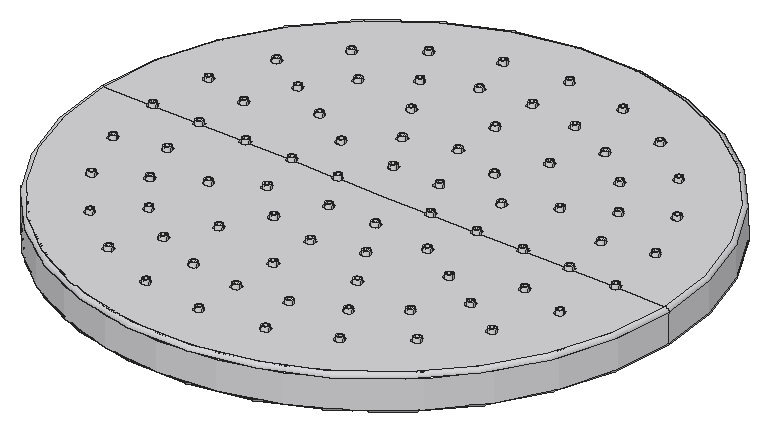
Revit family "Shower-Showerhead-KOHLER-Katalyst-K-73198IN", category Plumbing Fixtures, host Face, Revit 2017 (continued)
Definition of nested family "K-73198IN"
  Lines and regions (in)
    symbolic lines, detail levels medium+fine
      curve 237: arc (2.25093, 2.29555, 0) -> (2.29792, 2.34253, 0) -> (2.3449, 2.29555, 0) r 0.04699
      curve 238: arc (2.3449, 2.29555, 0) -> (2.29792, 2.24856, 0) -> (2.25093, 2.29555, 0) r 0.04699
      curve 239: arc (2.32967, 2.29555, 0) -> (2.29792, 2.3273, 0) -> (2.26617, 2.29555, 0) r 0.03175
      curve 240: arc (2.26617, 2.29555, 0) -> (2.29792, 2.2638, 0) -> (2.32967, 2.29555, 0) r 0.03175
      curve 241: arc (2.87929, 1.62339, 0) -> (2.81236, 1.55646, 0) -> (2.74543, 1.62339, 0) r 0.06693
      curve 242: arc (2.74543, 1.62339, 0) -> (2.81236, 1.69032, 0) -> (2.87929, 1.62339, 0) r 0.06693
      curve 243: arc (2.76648, 1.62274, 0) -> (2.81346, 1.66972, 0) -> (2.86045, 1.62274, 0) r 0.04699
      curve 244: arc (2.86045, 1.62274, 0) -> (2.81346, 1.57575, 0) -> (2.76648, 1.62274, 0) r 0.04699
      curve 245: arc (2.84521, 1.62274, 0) -> (2.81346, 1.65449, 0) -> (2.78171, 1.62274, 0) r 0.03175
      curve 246: arc (2.78171, 1.62274, 0) -> (2.81346, 1.59099, 0) -> (2.84521, 1.62274, 0) r 0.03175
      curve 247: arc (3.204, 0.83714, 0) -> (3.13707, 0.77021, 0) -> (3.07014, 0.83714, 0) r 0.06693
      curve 248: arc (3.07014, 0.83714, 0) -> (3.13707, 0.90407, 0) -> (3.204, 0.83714, 0) r 0.06693
      curve 249: arc (3.1064, 0.83905, 0) -> (3.13815, 0.80729, 0) -> (3.1699, 0.83905, 0) r 0.03175
      curve 250: arc (3.1699, 0.83905, 0) -> (3.13815, 0.8708, 0) -> (3.1064, 0.83905, 0) r 0.03175
      curve 251: arc (3.18514, 0.83905, 0) -> (3.13815, 0.79206, 0) -> (3.09117, 0.83905, 0) r 0.04699
      curve 252: arc (3.09117, 0.83905, 0) -> (3.13815, 0.88603, 0) -> (3.18514, 0.83905, 0) r 0.04699
      curve 253: arc (2.57617, 0.66891, 0) -> (2.50924, 0.60198, 0) -> (2.44231, 0.66891, 0) r 0.06693
      curve 254: arc (2.55718, 0.67079, 0) -> (2.5102, 0.6238, 0) -> (2.46321, 0.67079, 0) r 0.04699
      curve 255: arc (2.47845, 0.67079, 0) -> (2.5102, 0.63903, 0) -> (2.54195, 0.67079, 0) r 0.03175
      curve 256: arc (2.54195, 0.67079, 0) -> (2.5102, 0.70254, 0) -> (2.47845, 0.67079, 0) r 0.03175
      curve 257: arc (2.46321, 0.67079, 0) -> (2.5102, 0.71777, 0) -> (2.55718, 0.67079, 0) r 0.04699
      curve 258: arc (2.44231, 0.66891, 0) -> (2.50924, 0.73584, 0) -> (2.57617, 0.66891, 0) r 0.06693
      curve 259: arc (1.19189, 0.6492, 0) -> (1.12496, 0.58227, 0) -> (1.05804, 0.6492, 0) r 0.06693
      curve 260: arc (1.05804, 0.6492, 0) -> (1.12496, 0.71612, 0) -> (1.19189, 0.6492, 0) r 0.06693
      curve 261: arc (1.07782, 0.64811, 0) -> (1.12481, 0.6951, 0) -> (1.17179, 0.64811, 0) r 0.04699
      curve 262: arc (1.17179, 0.64811, 0) -> (1.12481, 0.60113, 0) -> (1.07782, 0.64811, 0) r 0.04699
      curve 263: arc (1.15656, 0.64811, 0) -> (1.12481, 0.67987, 0) -> (1.09306, 0.64811, 0) r 0.03175
      curve 264: arc (1.09306, 0.64811, 0) -> (1.12481, 0.61636, 0) -> (1.15656, 0.64811, 0) r 0.03175
      curve 265: arc (1.7528, 0.97303, 0) -> (1.68587, 0.9061, 0) -> (1.61894, 0.97303, 0) r 0.06693
      curve 266: arc (1.61894, 0.97303, 0) -> (1.68587, 1.03996, 0) -> (1.7528, 0.97303, 0) r 0.06693
      curve 267: arc (1.64205, 0.97445, 0) -> (1.68904, 1.02143, 0) -> (1.73602, 0.97445, 0) r 0.04699
      curve 268: arc (1.73602, 0.97445, 0) -> (1.68904, 0.92746, 0) -> (1.64205, 0.97445, 0) r 0.04699
      curve 269: arc (1.65729, 0.97445, 0) -> (1.68904, 0.9427, 0) -> (1.72079, 0.97445, 0) r 0.03175
      curve 270: arc (1.72079, 0.97445, 0) -> (1.68904, 1.0062, 0) -> (1.65729, 0.97445, 0) r 0.03175
      curve 271: arc (0.71479, 1.12501, 0) -> (0.64786, 1.05808, 0) -> (0.58093, 1.12501, 0) r 0.06693
      curve 272: arc (0.58093, 1.12501, 0) -> (0.64786, 1.19194, 0) -> (0.71479, 1.12501, 0) r 0.06693
      curve 273: arc (0.6005, 1.12544, 0) -> (0.64749, 1.17242, 0) -> (0.69447, 1.12544, 0) r 0.04699
      curve 274: arc (0.69447, 1.12544, 0) -> (0.64749, 1.07845, 0) -> (0.6005, 1.12544, 0) r 0.04699
      curve 275: arc (0.61573, 1.12544, 0) -> (0.64749, 1.09368, 0) -> (0.67924, 1.12544, 0) r 0.03175
      curve 276: arc (0.67924, 1.12544, 0) -> (0.64749, 1.15719, 0) -> (0.61573, 1.12544, 0) r 0.03175
      curve 277: arc (2.29759, 1.29867, 0) -> (2.25061, 1.25168, 0) -> (2.20362, 1.29867, 0) r 0.04699
      curve 278: arc (2.31752, 1.29908, 0) -> (2.25059, 1.23215, 0) -> (2.18367, 1.29908, 0) r 0.06693
      curve 279: arc (2.18367, 1.29908, 0) -> (2.25059, 1.36601, 0) -> (2.31752, 1.29908, 0) r 0.06693
      curve 280: arc (2.20362, 1.29867, 0) -> (2.25061, 1.34566, 0) -> (2.29759, 1.29867, 0) r 0.04699
      curve 281: arc (2.28236, 1.29867, 0) -> (2.25061, 1.33042, 0) -> (2.21886, 1.29867, 0) r 0.03175
      curve 282: arc (2.21886, 1.29867, 0) -> (2.25061, 1.26692, 0) -> (2.28236, 1.29867, 0) r 0.03175
      curve 283: arc (1.90362, 1.83749, 0) -> (1.83669, 1.77056, 0) -> (1.76976, 1.83749, 0) r 0.06693
      curve 284: arc (1.76976, 1.83749, 0) -> (1.83669, 1.90442, 0) -> (1.90362, 1.83749, 0) r 0.06693
      curve 285: arc (1.78865, 1.83672, 0) -> (1.83563, 1.8837, 0) -> (1.88262, 1.83672, 0) r 0.04699
      curve 286: arc (1.88262, 1.83672, 0) -> (1.83563, 1.78973, 0) -> (1.78865, 1.83672, 0) r 0.04699
      curve 287: arc (1.86738, 1.83672, 0) -> (1.83563, 1.86847, 0) -> (1.80388, 1.83672, 0) r 0.03175
      curve 288: arc (1.80388, 1.83672, 0) -> (1.83563, 1.80497, 0) -> (1.86738, 1.83672, 0) r 0.03175
      curve 289: arc (1.03745, 1.69003, 0) -> (0.97052, 1.6231, 0) -> (0.90359, 1.69003, 0) r 0.06693
      curve 290: arc (0.90359, 1.69003, 0) -> (0.97052, 1.75696, 0) -> (1.03745, 1.69003, 0) r 0.06693
      curve 291: arc (0.92492, 1.68734, 0) -> (0.9719, 1.73432, 0) -> (1.01889, 1.68734, 0) r 0.04699
      curve 292: arc (1.01889, 1.68734, 0) -> (0.9719, 1.64035, 0) -> (0.92492, 1.68734, 0) r 0.04699
      curve 293: arc (1.00365, 1.68734, 0) -> (0.9719, 1.71909, 0) -> (0.94015, 1.68734, 0) r 0.03175
      curve 294: arc (0.94015, 1.68734, 0) -> (0.9719, 1.65559, 0) -> (1.00365, 1.68734, 0) r 0.03175
      curve 295: arc (1.36667, 2.24931, 0) -> (1.29974, 2.18238, 0) -> (1.23281, 2.24931, 0) r 0.06693
      curve 296: arc (1.23281, 2.24931, 0) -> (1.29974, 2.31624, 0) -> (1.36667, 2.24931, 0) r 0.06693
      curve 297: arc (1.25244, 2.2513, 0) -> (1.29943, 2.29828, 0) -> (1.34641, 2.2513, 0) r 0.04699
      curve 298: arc (1.34641, 2.2513, 0) -> (1.29943, 2.20431, 0) -> (1.25244, 2.2513, 0) r 0.04699
      curve 299: arc (1.33118, 2.2513, 0) -> (1.29943, 2.28305, 0) -> (1.26768, 2.2513, 0) r 0.03175
      curve 300: arc (1.26768, 2.2513, 0) -> (1.29943, 2.21955, 0) -> (1.33118, 2.2513, 0) r 0.03175
      curve 301: arc (0.60498, 2.5089, 0) -> (0.67191, 2.57583, 0) -> (0.73884, 2.5089, 0) r 0.06693
      curve 302: arc (0.73884, 2.5089, 0) -> (0.67191, 2.44197, 0) -> (0.60498, 2.5089, 0) r 0.06693
      curve 303: arc (0.62545, 2.51012, 0) -> (0.67243, 2.5571, 0) -> (0.71942, 2.51012, 0) r 0.04699
      curve 304: arc (0.71942, 2.51012, 0) -> (0.67243, 2.46313, 0) -> (0.62545, 2.51012, 0) r 0.04699
      curve 305: arc (0.70419, 2.51012, 0) -> (0.67243, 2.54187, 0) -> (0.64068, 2.51012, 0) r 0.03175
      curve 306: arc (0.64068, 2.51012, 0) -> (0.67243, 2.47837, 0) -> (0.70419, 2.51012, 0) r 0.03175
      curve 307: arc (0.06693, 1.2996, 0) -> (0, 1.23267, 0) -> (-0.06693, 1.2996, 0) r 0.06693
      curve 308: arc (-0.06693, 1.2996, 0) -> (0, 1.36653, 0) -> (0.06693, 1.2996, 0) r 0.06693
      curve 309: arc (-0.04699, 1.29775, 0) -> (0, 1.34473, 0) -> (0.04699, 1.29775, 0) r 0.04699
      curve 310: arc (0.04699, 1.29775, 0) -> (0, 1.25076, 0) -> (-0.04699, 1.29775, 0) r 0.04699
      curve 311: arc (0.03175, 1.29775, 0) -> (0, 1.3295, 0) -> (-0.03175, 1.29775, 0) r 0.03175
      curve 312: arc (-0.03175, 1.29775, 0) -> (0, 1.26599, 0) -> (0.03175, 1.29775, 0) r 0.03175
      curve 313: arc (-0.06693, 1.94731, 0) -> (0, 2.01424, 0) -> (0.06693, 1.94731, 0) r 0.06693
      curve 314: arc (0.06693, 1.94731, 0) -> (0, 1.88038, 0) -> (-0.06693, 1.94731, 0) r 0.06693
      curve 315: arc (-0.04699, 1.95087, 0) -> (0, 1.99785, 0) -> (0.04699, 1.95087, 0) r 0.04699
      curve 316: arc (0.04699, 1.95087, 0) -> (0, 1.90388, 0) -> (-0.04699, 1.95087, 0) r 0.04699
      curve 317: arc (0.03175, 1.95087, 0) -> (0, 1.98262, 0) -> (-0.03175, 1.95087, 0) r 0.03175
      curve 318: arc (-0.03175, 1.95087, 0) -> (0, 1.91911, 0) -> (0.03175, 1.95087, 0) r 0.03175
      curve 319: arc (0.06693, 2.59837, 0) -> (0, 2.53144, 0) -> (-0.06693, 2.59837, 0) r 0.06693
      curve 320: arc (-0.06693, 2.59837, 0) -> (0, 2.6653, 0) -> (0.06693, 2.59837, 0) r 0.06693
      curve 321: arc (-0.04699, 2.60077, 0) -> (0, 2.64776, 0) -> (0.04699, 2.60077, 0) r 0.04699
      curve 322: arc (0.04699, 2.60077, 0) -> (0, 2.55379, 0) -> (-0.04699, 2.60077, 0) r 0.04699
      curve 323: arc (0.03175, 2.60077, 0) -> (0, 2.63252, 0) -> (-0.03175, 2.60077, 0) r 0.03175
      curve 324: arc (-0.03175, 2.60077, 0) -> (0, 2.56902, 0) -> (0.03175, 2.60077, 0) r 0.03175
      curve 325: arc (0.03175, -3.25456, 0) -> (0, -3.28631, 0) -> (-0.03175, -3.25456, 0) r 0.03175
      curve 326: arc (-0.03175, -3.25456, 0) -> (0, -3.22281, 0) -> (0.03175, -3.25456, 0) r 0.03175
      curve 327: arc (0.04699, -3.25456, 0) -> (0, -3.20758, 0) -> (-0.04699, -3.25456, 0) r 0.04699
      curve 328: arc (-0.04699, -3.25456, 0) -> (0, -3.30155, 0) -> (0.04699, -3.25456, 0) r 0.04699
      curve 329: arc (0.06693, -3.2502, 0) -> (0, -3.18327, 0) -> (-0.06693, -3.2502, 0) r 0.06693
      curve 330: arc (-0.06693, -3.2502, 0) -> (0, -3.31713, 0) -> (0.06693, -3.2502, 0) r 0.06693
      curve 331: arc (0.90944, -3.13602, 0) -> (0.84251, -3.06909, 0) -> (0.77558, -3.13602, 0) r 0.06693
      curve 332: arc (0.88726, -3.13647, 0) -> (0.84027, -3.08948, 0) -> (0.79329, -3.13647, 0) r 0.04699
      curve 333: arc (0.80852, -3.13647, 0) -> (0.84027, -3.10472, 0) -> (0.87203, -3.13647, 0) r 0.03175
      curve 334: arc (0.77558, -3.13602, 0) -> (0.84251, -3.20295, 0) -> (0.90944, -3.13602, 0) r 0.06693
      curve 335: arc (0.79329, -3.13647, 0) -> (0.84027, -3.18345, 0) -> (0.88726, -3.13647, 0) r 0.04699
      curve 336: arc (0.87203, -3.13647, 0) -> (0.84027, -3.16822, 0) -> (0.80852, -3.13647, 0) r 0.03175
      curve 337: arc (1.69097, -2.81339, 0) -> (1.62405, -2.74646, 0) -> (1.55712, -2.81339, 0) r 0.06693
      curve 338: arc (1.67202, -2.81008, 0) -> (1.62504, -2.76309, 0) -> (1.57805, -2.81008, 0) r 0.04699
      curve 339: arc (1.65679, -2.81008, 0) -> (1.62504, -2.84183, 0) -> (1.59329, -2.81008, 0) r 0.03175
      curve 340: arc (1.59329, -2.81008, 0) -> (1.62504, -2.77833, 0) -> (1.65679, -2.81008, 0) r 0.03175
      curve 341: arc (1.57805, -2.81008, 0) -> (1.62504, -2.85706, 0) -> (1.67202, -2.81008, 0) r 0.04699
      curve 342: arc (1.55712, -2.81339, 0) -> (1.62405, -2.88032, 0) -> (1.69097, -2.81339, 0) r 0.06693
      curve 343: arc (2.36474, -2.29638, 0) -> (2.29781, -2.22946, 0) -> (2.23088, -2.29638, 0) r 0.06693
      curve 344: arc (2.23088, -2.29638, 0) -> (2.29781, -2.36331, 0) -> (2.36474, -2.29638, 0) r 0.06693
      curve 345: arc (2.25093, -2.29555, 0) -> (2.29792, -2.34253, 0) -> (2.3449, -2.29555, 0) r 0.04699
      curve 346: arc (2.3449, -2.29555, 0) -> (2.29792, -2.24856, 0) -> (2.25093, -2.29555, 0) r 0.04699
      curve 347: arc (2.32967, -2.29555, 0) -> (2.29792, -2.3273, 0) -> (2.26617, -2.29555, 0) r 0.03175
      curve 348: arc (2.26617, -2.29555, 0) -> (2.29792, -2.2638, 0) -> (2.32967, -2.29555, 0) r 0.03175
      curve 349: arc (2.87929, -1.62339, 0) -> (2.81236, -1.55646, 0) -> (2.74543, -1.62339, 0) r 0.06693
      curve 350: arc (2.74543, -1.62339, 0) -> (2.81236, -1.69032, 0) -> (2.87929, -1.62339, 0) r 0.06693
      curve 351: arc (2.76648, -1.62274, 0) -> (2.81346, -1.66972, 0) -> (2.86045, -1.62274, 0) r 0.04699
      curve 352: arc (2.86045, -1.62274, 0) -> (2.81346, -1.57575, 0) -> (2.76648, -1.62274, 0) r 0.04699
      curve 353: arc (2.84521, -1.62274, 0) -> (2.81346, -1.65449, 0) -> (2.78171, -1.62274, 0) r 0.03175
      curve 354: arc (2.78171, -1.62274, 0) -> (2.81346, -1.59099, 0) -> (2.84521, -1.62274, 0) r 0.03175
      curve 355: arc (3.204, -0.83714, 0) -> (3.13707, -0.77021, 0) -> (3.07014, -0.83714, 0) r 0.06693
      curve 356: arc (3.07014, -0.83714, 0) -> (3.13707, -0.90407, 0) -> (3.204, -0.83714, 0) r 0.06693
      curve 357: arc (3.1064, -0.83905, 0) -> (3.13815, -0.80729, 0) -> (3.1699, -0.83905, 0) r 0.03175
      curve 358: arc (3.1699, -0.83905, 0) -> (3.13815, -0.8708, 0) -> (3.1064, -0.83905, 0) r 0.03175
      curve 359: arc (3.18514, -0.83905, 0) -> (3.13815, -0.79206, 0) -> (3.09117, -0.83905, 0) r 0.04699
      curve 360: arc (3.09117, -0.83905, 0) -> (3.13815, -0.88603, 0) -> (3.18514, -0.83905, 0) r 0.04699
      curve 361: arc (2.57617, -0.66891, 0) -> (2.50924, -0.60198, 0) -> (2.44231, -0.66891, 0) r 0.06693
      curve 362: arc (2.55718, -0.67079, 0) -> (2.5102, -0.6238, 0) -> (2.46321, -0.67079, 0) r 0.04699
      curve 363: arc (2.47845, -0.67079, 0) -> (2.5102, -0.63903, 0) -> (2.54195, -0.67079, 0) r 0.03175
      curve 364: arc (2.54195, -0.67079, 0) -> (2.5102, -0.70254, 0) -> (2.47845, -0.67079, 0) r 0.03175
      curve 365: arc (2.46321, -0.67079, 0) -> (2.5102, -0.71777, 0) -> (2.55718, -0.67079, 0) r 0.04699
      curve 366: arc (2.44231, -0.66891, 0) -> (2.50924, -0.73584, 0) -> (2.57617, -0.66891, 0) r 0.06693
      curve 367: arc (1.19189, -0.6492, 0) -> (1.12496, -0.58227, 0) -> (1.05804, -0.6492, 0) r 0.06693
      curve 368: arc (1.05804, -0.6492, 0) -> (1.12496, -0.71612, 0) -> (1.19189, -0.6492, 0) r 0.06693
      curve 369: arc (1.07782, -0.64811, 0) -> (1.12481, -0.6951, 0) -> (1.17179, -0.64811, 0) r 0.04699
      curve 370: arc (1.17179, -0.64811, 0) -> (1.12481, -0.60113, 0) -> (1.07782, -0.64811, 0) r 0.04699
      curve 371: arc (1.15656, -0.64811, 0) -> (1.12481, -0.67987, 0) -> (1.09306, -0.64811, 0) r 0.03175
      curve 372: arc (1.09306, -0.64811, 0) -> (1.12481, -0.61636, 0) -> (1.15656, -0.64811, 0) r 0.03175
      curve 373: arc (1.7528, -0.97303, 0) -> (1.68587, -0.9061, 0) -> (1.61894, -0.97303, 0) r 0.06693
      curve 374: arc (1.61894, -0.97303, 0) -> (1.68587, -1.03996, 0) -> (1.7528, -0.97303, 0) r 0.06693
      curve 375: arc (1.64205, -0.97445, 0) -> (1.68904, -1.02143, 0) -> (1.73602, -0.97445, 0) r 0.04699
      curve 376: arc (1.73602, -0.97445, 0) -> (1.68904, -0.92746, 0) -> (1.64205, -0.97445, 0) r 0.04699
      curve 377: arc (1.65729, -0.97445, 0) -> (1.68904, -0.9427, 0) -> (1.72079, -0.97445, 0) r 0.03175
      curve 378: arc (1.72079, -0.97445, 0) -> (1.68904, -1.0062, 0) -> (1.65729, -0.97445, 0) r 0.03175
      curve 379: arc (0.71479, -1.12501, 0) -> (0.64786, -1.05808, 0) -> (0.58093, -1.12501, 0) r 0.06693
      curve 380: arc (0.58093, -1.12501, 0) -> (0.64786, -1.19194, 0) -> (0.71479, -1.12501, 0) r 0.06693
      curve 381: arc (0.6005, -1.12544, 0) -> (0.64749, -1.17242, 0) -> (0.69447, -1.12544, 0) r 0.04699
      curve 382: arc (0.69447, -1.12544, 0) -> (0.64749, -1.07845, 0) -> (0.6005, -1.12544, 0) r 0.04699
      curve 383: arc (0.61573, -1.12544, 0) -> (0.64749, -1.09368, 0) -> (0.67924, -1.12544, 0) r 0.03175
      curve 384: arc (0.67924, -1.12544, 0) -> (0.64749, -1.15719, 0) -> (0.61573, -1.12544, 0) r 0.03175
      curve 385: arc (2.29759, -1.29867, 0) -> (2.25061, -1.25168, 0) -> (2.20362, -1.29867, 0) r 0.04699
      curve 386: arc (2.31752, -1.29908, 0) -> (2.25059, -1.23215, 0) -> (2.18367, -1.29908, 0) r 0.06693
      curve 387: arc (2.18367, -1.29908, 0) -> (2.25059, -1.36601, 0) -> (2.31752, -1.29908, 0) r 0.06693
      curve 388: arc (2.20362, -1.29867, 0) -> (2.25061, -1.34566, 0) -> (2.29759, -1.29867, 0) r 0.04699
      curve 389: arc (2.28236, -1.29867, 0) -> (2.25061, -1.33042, 0) -> (2.21886, -1.29867, 0) r 0.03175
      curve 390: arc (2.21886, -1.29867, 0) -> (2.25061, -1.26692, 0) -> (2.28236, -1.29867, 0) r 0.03175
      curve 391: arc (1.90362, -1.83749, 0) -> (1.83669, -1.77056, 0) -> (1.76976, -1.83749, 0) r 0.06693
      curve 392: arc (1.76976, -1.83749, 0) -> (1.83669, -1.90442, 0) -> (1.90362, -1.83749, 0) r 0.06693
      curve 393: arc (1.78865, -1.83672, 0) -> (1.83563, -1.8837, 0) -> (1.88262, -1.83672, 0) r 0.04699
      curve 394: arc (1.88262, -1.83672, 0) -> (1.83563, -1.78973, 0) -> (1.78865, -1.83672, 0) r 0.04699
      curve 395: arc (1.86738, -1.83672, 0) -> (1.83563, -1.86847, 0) -> (1.80388, -1.83672, 0) r 0.03175
      curve 396: arc (1.80388, -1.83672, 0) -> (1.83563, -1.80497, 0) -> (1.86738, -1.83672, 0) r 0.03175
      curve 397: arc (1.03745, -1.69003, 0) -> (0.97052, -1.6231, 0) -> (0.90359, -1.69003, 0) r 0.06693
      curve 398: arc (0.90359, -1.69003, 0) -> (0.97052, -1.75696, 0) -> (1.03745, -1.69003, 0) r 0.06693
      curve 399: arc (0.92492, -1.68734, 0) -> (0.9719, -1.73432, 0) -> (1.01889, -1.68734, 0) r 0.04699
      curve 400: arc (1.01889, -1.68734, 0) -> (0.9719, -1.64035, 0) -> (0.92492, -1.68734, 0) r 0.04699
      curve 401: arc (1.00365, -1.68734, 0) -> (0.9719, -1.71909, 0) -> (0.94015, -1.68734, 0) r 0.03175
      curve 402: arc (0.94015, -1.68734, 0) -> (0.9719, -1.65559, 0) -> (1.00365, -1.68734, 0) r 0.03175
      curve 403: arc (1.36667, -2.24931, 0) -> (1.29974, -2.18238, 0) -> (1.23281, -2.24931, 0) r 0.06693
      curve 404: arc (1.23281, -2.24931, 0) -> (1.29974, -2.31624, 0) -> (1.36667, -2.24931, 0) r 0.06693
      curve 405: arc (1.25244, -2.2513, 0) -> (1.29943, -2.29828, 0) -> (1.34641, -2.2513, 0) r 0.04699
      curve 406: arc (1.34641, -2.2513, 0) -> (1.29943, -2.20431, 0) -> (1.25244, -2.2513, 0) r 0.04699
      curve 407: arc (1.33118, -2.2513, 0) -> (1.29943, -2.28305, 0) -> (1.26768, -2.2513, 0) r 0.03175
      curve 408: arc (1.26768, -2.2513, 0) -> (1.29943, -2.21955, 0) -> (1.33118, -2.2513, 0) r 0.03175
      curve 409: arc (0.60498, -2.5089, 0) -> (0.67191, -2.57583, 0) -> (0.73884, -2.5089, 0) r 0.06693
      curve 410: arc (0.73884, -2.5089, 0) -> (0.67191, -2.44197, 0) -> (0.60498, -2.5089, 0) r 0.06693
      curve 411: arc (0.62545, -2.51012, 0) -> (0.67243, -2.5571, 0) -> (0.71942, -2.51012, 0) r 0.04699
      curve 412: arc (0.71942, -2.51012, 0) -> (0.67243, -2.46313, 0) -> (0.62545, -2.51012, 0) r 0.04699
      curve 413: arc (0.70419, -2.51012, 0) -> (0.67243, -2.54187, 0) -> (0.64068, -2.51012, 0) r 0.03175
      curve 414: arc (0.64068, -2.51012, 0) -> (0.67243, -2.47837, 0) -> (0.70419, -2.51012, 0) r 0.03175
      curve 415: arc (0.06693, -1.2996, 0) -> (0, -1.23267, 0) -> (-0.06693, -1.2996, 0) r 0.06693
      curve 416: arc (-0.06693, -1.2996, 0) -> (0, -1.36653, 0) -> (0.06693, -1.2996, 0) r 0.06693
      curve 417: arc (-0.04699, -1.29775, 0) -> (0, -1.34473, 0) -> (0.04699, -1.29775, 0) r 0.04699
      curve 418: arc (0.04699, -1.29775, 0) -> (0, -1.25076, 0) -> (-0.04699, -1.29775, 0) r 0.04699
      curve 419: arc (0.03175, -1.29775, 0) -> (0, -1.3295, 0) -> (-0.03175, -1.29775, 0) r 0.03175
      curve 420: arc (-0.03175, -1.29775, 0) -> (0, -1.26599, 0) -> (0.03175, -1.29775, 0) r 0.03175
      curve 421: arc (-0.06693, -1.94731, 0) -> (0, -2.01424, 0) -> (0.06693, -1.94731, 0) r 0.06693
      curve 422: arc (0.06693, -1.94731, 0) -> (0, -1.88038, 0) -> (-0.06693, -1.94731, 0) r 0.06693
      curve 423: arc (-0.04699, -1.95087, 0) -> (0, -1.99785, 0) -> (0.04699, -1.95087, 0) r 0.04699
      curve 424: arc (0.04699, -1.95087, 0) -> (0, -1.90388, 0) -> (-0.04699, -1.95087, 0) r 0.04699
      curve 425: arc (0.03175, -1.95087, 0) -> (0, -1.98262, 0) -> (-0.03175, -1.95087, 0) r 0.03175
      curve 426: arc (-0.03175, -1.95087, 0) -> (0, -1.91911, 0) -> (0.03175, -1.95087, 0) r 0.03175
      curve 427: arc (0.06693, -2.59837, 0) -> (0, -2.53144, 0) -> (-0.06693, -2.59837, 0) r 0.06693
      curve 428: arc (-0.06693, -2.59837, 0) -> (0, -2.6653, 0) -> (0.06693, -2.59837, 0) r 0.06693
      curve 429: arc (-0.04699, -2.60077, 0) -> (0, -2.64776, 0) -> (0.04699, -2.60077, 0) r 0.04699
      curve 430: arc (0.04699, -2.60077, 0) -> (0, -2.55379, 0) -> (-0.04699, -2.60077, 0) r 0.04699
      curve 431: arc (0.03175, -2.60077, 0) -> (0, -2.63252, 0) -> (-0.03175, -2.60077, 0) r 0.03175
      curve 432: arc (-0.03175, -2.60077, 0) -> (0, -2.56902, 0) -> (0.03175, -2.60077, 0) r 0.03175
      curve 433: arc (-3.3152, 0, 0) -> (-3.24827, -0.06693, 0) -> (-3.18134, 0, 0) r 0.06693
      curve 434: arc (-3.18134, 0, 0) -> (-3.24827, 0.06693, 0) -> (-3.3152, 0, 0) r 0.06693
      curve 435: arc (-3.20153, 0, 0) -> (-3.24852, 0.04699, 0) -> (-3.2955, 0, 0) r 0.04699
      curve 436: arc (-3.2955, 0, 0) -> (-3.24852, -0.04699, 0) -> (-3.20153, 0, 0) r 0.04699
      curve 437: arc (-3.28027, 0, 0) -> (-3.24852, 0.03175, 0) -> (-3.21677, 0, 0) r 0.03175
      curve 438: arc (-3.21677, 0, 0) -> (-3.24852, -0.03175, 0) -> (-3.28027, 0, 0) r 0.03175
      curve 439: arc (-2.53025, 0, 0) -> (-2.59718, 0.06693, 0) -> (-2.66411, 0, 0) r 0.06693
      curve 440: arc (-2.66411, 0, 0) -> (-2.59718, -0.06693, 0) -> (-2.53025, 0, 0) r 0.06693
      curve 441: arc (-2.55164, 0, 0) -> (-2.59862, 0.04699, 0) -> (-2.64561, 0, 0) r 0.04699
      curve 442: arc (-2.64561, 0, 0) -> (-2.59862, -0.04699, 0) -> (-2.55164, 0, 0) r 0.04699
      curve 443: arc (-2.63037, 0, 0) -> (-2.59862, 0.03175, 0) -> (-2.56687, 0, 0) r 0.03175
      curve 444: arc (-2.56687, 0, 0) -> (-2.59862, -0.03175, 0) -> (-2.63037, 0, 0) r 0.03175
      curve 445: arc (-1.8839, 0, 0) -> (-1.95083, 0.06693, 0) -> (-2.01776, 0, 0) r 0.06693
      curve 446: arc (-2.01776, 0, 0) -> (-1.95083, -0.06693, 0) -> (-1.8839, 0, 0) r 0.06693
      curve 447: arc (-1.89698, 0, 0) -> (-1.94396, 0.04699, 0) -> (-1.99095, 0, 0) r 0.04699
      curve 448: arc (-1.99095, 0, 0) -> (-1.94396, -0.04699, 0) -> (-1.89698, 0, 0) r 0.04699
      curve 449: arc (-1.97571, 0, 0) -> (-1.94396, 0.03175, 0) -> (-1.91221, 0, 0) r 0.03175
      curve 450: arc (-1.91221, 0, 0) -> (-1.94396, -0.03175, 0) -> (-1.97571, 0, 0) r 0.03175
      curve 451: arc (-1.23142, 0, 0) -> (-1.29835, 0.06693, 0) -> (-1.36528, 0, 0) r 0.06693
      curve 452: arc (-1.36528, 0, 0) -> (-1.29835, -0.06693, 0) -> (-1.23142, 0, 0) r 0.06693
      curve 453: arc (-1.25233, 0, 0) -> (-1.29932, 0.04699, 0) -> (-1.3463, 0, 0) r 0.04699
      curve 454: arc (-1.3463, 0, 0) -> (-1.29932, -0.04699, 0) -> (-1.25233, 0, 0) r 0.04699
      curve 455: arc (-1.33107, 0, 0) -> (-1.29932, 0.03175, 0) -> (-1.26756, 0, 0) r 0.03175
      curve 456: arc (-1.26756, 0, 0) -> (-1.29932, -0.03175, 0) -> (-1.33107, 0, 0) r 0.03175
      curve 457: arc (-0.58412, 0, 0) -> (-0.65105, 0.06693, 0) -> (-0.71798, 0, 0) r 0.06693
      curve 458: arc (-0.71798, 0, 0) -> (-0.65105, -0.06693, 0) -> (-0.58412, 0, 0) r 0.06693
      curve 459: arc (-0.60309, 0, 0) -> (-0.65007, 0.04699, 0) -> (-0.69706, 0, 0) r 0.04699
      curve 460: arc (-0.69706, 0, 0) -> (-0.65007, -0.04699, 0) -> (-0.60309, 0, 0) r 0.04699
      curve 461: arc (-0.68183, 0, 0) -> (-0.65007, 0.03175, 0) -> (-0.61832, 0, 0) r 0.03175
      curve 462: arc (-0.61832, 0, 0) -> (-0.65007, -0.03175, 0) -> (-0.68183, 0, 0) r 0.03175
      curve 463: arc (-0.27982, 0.56374, 0) -> (-0.3268, 0.61073, 0) -> (-0.37379, 0.56374, 0) r 0.04699
      curve 464: arc (-0.37379, 0.56374, 0) -> (-0.3268, 0.51675, 0) -> (-0.27982, 0.56374, 0) r 0.04699
      curve 465: arc (-0.38677, 0.56302, 0) -> (-0.31984, 0.49609, 0) -> (-0.25291, 0.56302, 0) r 0.06693
      curve 466: arc (-0.25291, 0.56302, 0) -> (-0.31984, 0.62995, 0) -> (-0.38677, 0.56302, 0) r 0.06693
      curve 467: arc (-0.29505, 0.56374, 0) -> (-0.3268, 0.53199, 0) -> (-0.35855, 0.56374, 0) r 0.03175
      curve 468: arc (-0.35855, 0.56374, 0) -> (-0.3268, 0.59549, 0) -> (-0.29505, 0.56374, 0) r 0.03175
      curve 469: arc (-0.39292, -0.56302, 0) -> (-0.32599, -0.62995, 0) -> (-0.25906, -0.56302, 0) r 0.06693
      curve 470: arc (-0.25906, -0.56302, 0) -> (-0.32599, -0.49609, 0) -> (-0.39292, -0.56302, 0) r 0.06693
      curve 471: arc (-0.27982, -0.56374, 0) -> (-0.3268, -0.51675, 0) -> (-0.37379, -0.56374, 0) r 0.04699
      curve 472: arc (-0.37379, -0.56374, 0) -> (-0.3268, -0.61073, 0) -> (-0.27982, -0.56374, 0) r 0.04699
      curve 473: arc (-0.35855, -0.56374, 0) -> (-0.3268, -0.53199, 0) -> (-0.29505, -0.56374, 0) r 0.03175
      curve 474: arc (-0.29505, -0.56374, 0) -> (-0.3268, -0.59549, 0) -> (-0.35855, -0.56374, 0) r 0.03175
      curve 475: arc (3.3152, 0, 0) -> (3.24827, -0.06693, 0) -> (3.18134, 0, 0) r 0.06693
      curve 476: arc (3.18134, 0, 0) -> (3.24827, 0.06693, 0) -> (3.3152, 0, 0) r 0.06693
      curve 477: arc (3.20153, 0, 0) -> (3.24852, 0.04699, 0) -> (3.2955, 0, 0) r 0.04699
      curve 478: arc (3.2955, 0, 0) -> (3.24852, -0.04699, 0) -> (3.20153, 0, 0) r 0.04699
      curve 479: arc (3.28027, 0, 0) -> (3.24852, 0.03175, 0) -> (3.21677, 0, 0) r 0.03175
      curve 480: arc (3.21677, 0, 0) -> (3.24852, -0.03175, 0) -> (3.28027, 0, 0) r 0.03175
      curve 481: arc (2.53025, 0, 0) -> (2.59718, 0.06693, 0) -> (2.66411, 0, 0) r 0.06693
      curve 482: arc (2.66411, 0, 0) -> (2.59718, -0.06693, 0) -> (2.53025, 0, 0) r 0.06693
      curve 483: arc (2.55164, 0, 0) -> (2.59862, 0.04699, 0) -> (2.64561, 0, 0) r 0.04699
      curve 484: arc (2.64561, 0, 0) -> (2.59862, -0.04699, 0) -> (2.55164, 0, 0) r 0.04699
      curve 485: arc (2.63037, 0, 0) -> (2.59862, 0.03175, 0) -> (2.56687, 0, 0) r 0.03175
      curve 486: arc (2.56687, 0, 0) -> (2.59862, -0.03175, 0) -> (2.63037, 0, 0) r 0.03175
      curve 487: arc (1.8839, 0, 0) -> (1.95083, 0.06693, 0) -> (2.01776, 0, 0) r 0.06693
      curve 488: arc (2.01776, 0, 0) -> (1.95083, -0.06693, 0) -> (1.8839, 0, 0) r 0.06693
      curve 489: arc (1.89698, 0, 0) -> (1.94396, 0.04699, 0) -> (1.99095, 0, 0) r 0.04699
      curve 490: arc (1.99095, 0, 0) -> (1.94396, -0.04699, 0) -> (1.89698, 0, 0) r 0.04699
      curve 491: arc (1.97571, 0, 0) -> (1.94396, 0.03175, 0) -> (1.91221, 0, 0) r 0.03175
      curve 492: arc (1.91221, 0, 0) -> (1.94396, -0.03175, 0) -> (1.97571, 0, 0) r 0.03175
      curve 493: arc (1.23142, 0, 0) -> (1.29835, 0.06693, 0) -> (1.36528, 0, 0) r 0.06693
      curve 494: arc (1.36528, 0, 0) -> (1.29835, -0.06693, 0) -> (1.23142, 0, 0) r 0.06693
      curve 495: arc (1.25233, 0, 0) -> (1.29932, 0.04699, 0) -> (1.3463, 0, 0) r 0.04699
      curve 496: arc (1.3463, 0, 0) -> (1.29932, -0.04699, 0) -> (1.25233, 0, 0) r 0.04699
      curve 497: arc (1.33107, 0, 0) -> (1.29932, 0.03175, 0) -> (1.26756, 0, 0) r 0.03175
      curve 498: arc (1.26756, 0, 0) -> (1.29932, -0.03175, 0) -> (1.33107, 0, 0) r 0.03175
      curve 499: arc (0.58412, 0, 0) -> (0.65105, 0.06693, 0) -> (0.71798, 0, 0) r 0.06693
      curve 500: arc (0.71798, 0, 0) -> (0.65105, -0.06693, 0) -> (0.58412, 0, 0) r 0.06693
      curve 501: arc (0.60309, 0, 0) -> (0.65007, 0.04699, 0) -> (0.69706, 0, 0) r 0.04699
      curve 502: arc (0.69706, 0, 0) -> (0.65007, -0.04699, 0) -> (0.60309, 0, 0) r 0.04699
      curve 503: arc (0.68183, 0, 0) -> (0.65007, 0.03175, 0) -> (0.61832, 0, 0) r 0.03175
      curve 504: arc (0.61832, 0, 0) -> (0.65007, -0.03175, 0) -> (0.68183, 0, 0) r 0.03175
      curve 505: arc (0.27982, 0.56374, 0) -> (0.3268, 0.61073, 0) -> (0.37379, 0.56374, 0) r 0.04699
      curve 506: arc (0.37379, 0.56374, 0) -> (0.3268, 0.51675, 0) -> (0.27982, 0.56374, 0) r 0.04699
      curve 507: arc (0.38677, 0.56302, 0) -> (0.31984, 0.49609, 0) -> (0.25291, 0.56302, 0) r 0.06693
      curve 508: arc (0.25291, 0.56302, 0) -> (0.31984, 0.62995, 0) -> (0.38677, 0.56302, 0) r 0.06693
      curve 509: arc (0.29505, 0.56374, 0) -> (0.3268, 0.53199, 0) -> (0.35855, 0.56374, 0) r 0.03175
      curve 510: arc (0.35855, 0.56374, 0) -> (0.3268, 0.59549, 0) -> (0.29505, 0.56374, 0) r 0.03175
      curve 511: arc (0.39292, -0.56302, 0) -> (0.32599, -0.62995, 0) -> (0.25906, -0.56302, 0) r 0.06693
      curve 512: arc (0.25906, -0.56302, 0) -> (0.32599, -0.49609, 0) -> (0.39292, -0.56302, 0) r 0.06693
      curve 513: arc (0.27982, -0.56374, 0) -> (0.3268, -0.51675, 0) -> (0.37379, -0.56374, 0) r 0.04699
      curve 514: arc (0.37379, -0.56374, 0) -> (0.3268, -0.61073, 0) -> (0.27982, -0.56374, 0) r 0.04699
      curve 515: arc (0.35855, -0.56374, 0) -> (0.3268, -0.53199, 0) -> (0.29505, -0.56374, 0) r 0.03175
      curve 516: arc (0.29505, -0.56374, 0) -> (0.3268, -0.59549, 0) -> (0.35855, -0.56374, 0) r 0.03175
      curve 517: line (-3.93853, 0, 2.40361) -> (3.93853, 0, 2.40361)
      curve 518: line (-0.1647, 0, 0.31483) -> (0.1647, 0, 0.31483)
      curve 519: line (0.1647, 0, 0.78359) -> (0.1647, 0, 0.31483)
      curve 520: line (-0.1647, 0, 0.31483) -> (-0.1647, 0, 0.78359)
      curve 521: line (0.13038, 0, 0.80399) -> (-0.13038, 0, 0.80399)
      curve 522: arc (-0.1647, 0, 0.78359) -> (-0.15041, 0, 0.79844) -> (-0.1304, 0, 0.80337) r 0.03709
      curve 523: line (0.1458, 0, 0.80069) -> (-0.1458, 0, 0.80069)
      curve 524: arc (0.1304, 0, 0.80337) -> (0.15041, 0, 0.79844) -> (0.1647, 0, 0.78359) r 0.03709
      curve 525: line (-0.43992, 0, 1.11318) -> (0.43992, 0, 1.11318)
      curve 526: line (-3.97557, 0, 1.93154) -> (3.97557, 0, 1.93154)
      curve 527: line (-0.78695, 0, 1.91149) -> (0.78695, 0, 1.91149)
      curve 528: line (-0.35437, 0, 0.86191) -> (0.35437, 0, 0.86191)
      curve 529: line (-0.35437, 0, 0.97809) -> (0.35437, 0, 0.97809)
      curve 530: line (-3.18514, 0, 2.45479) -> (-3.18514, 0, 2.40361)
      curve 531: line (-2.55164, 0, 2.45479) -> (-2.55164, 0, 2.40361)
      curve 532: line (-2.26617, 0, 2.45479) -> (-2.26617, 0, 2.40361)
      curve 533: line (-1.89698, 0, 2.45479) -> (-1.89698, 0, 2.40361)
      curve 534: line (-1.65729, 0, 2.45479) -> (-1.65729, 0, 2.40361)
      curve 535: line (1.65729, 0, 2.45479) -> (1.65729, 0, 2.40361)
      curve 536: line (1.88967, 0, 2.45535) -> (1.88967, 0, 2.40361)
      curve 537: line (2.27424, 0, 2.45479) -> (2.27424, 0, 2.40361)
      curve 538: line (2.55718, 0, 2.45479) -> (2.55718, 0, 2.40361)
      curve 539: line (3.19336, 0, 2.45479) -> (3.19336, 0, 2.40361)
      curve 540: line (0, 0, 1.1126) -> (0, 0.65151, 1.1126)
      curve 541: line (0, -0.65151, 1.1126) -> (0, 0, 1.1126)
      curve 542: line (0, 0.35435, 0.86213) -> (0, -0.35435, 0.86213)
      curve 543: line (0, 0.35435, 0.97993) -> (0, -0.35435, 0.97993)
      curve 544: line (0, 0, 1.93154) -> (0, 3.97557, 1.93154)
      curve 545: line (0, -3.97557, 1.93154) -> (0, 0, 1.93154)
      curve 546: line (0, 0, 1.91149) -> (0, 0.78695, 1.91149)
      curve 547: line (0, -0.78695, 1.91149) -> (0, 0, 1.91149)
      curve 548: line (0, 0, 2.40361) -> (0, 3.93853, 2.40361)
      curve 549: line (-3.99534, 0, 2.34882) -> (3.99534, 0, 2.34882)
      curve 550: line (0, 3.99534, 2.35291) -> (0, -3.99534, 2.35291)
      curve 551: line (0, 3.19539, 2.45479) -> (0, 3.19539, 2.40361)
      curve 552: line (0, 2.5571, 2.45479) -> (0, 2.5571, 2.40361)
      curve 553: line (0, 2.27338, 2.45479) -> (0, 2.27338, 2.40361)
      curve 554: line (0, 1.89369, 2.45479) -> (0, 1.89369, 2.40361)
      curve 555: line (0, 1.65559, 2.45479) -> (0, 1.65559, 2.40361)
      curve 556: line (0, 0.6238, 2.45479) -> (0, 0.6238, 2.40361)
      curve 557: line (0, 0.91622, 2.45479) -> (0, 0.91622, 2.40361)
      curve 558: line (0, -0.61073, 2.45479) -> (0, -0.61073, 2.40361)
      curve 559: line (0, -0.90694, 2.45479) -> (0, -0.90694, 2.40361)
      curve 560: line (0, -1.65559, 2.45479) -> (0, -1.65559, 2.40361)
      curve 561: line (0, -1.89369, 2.45479) -> (0, -1.89369, 2.40361)
      curve 562: line (0, -2.27206, 2.45479) -> (0, -2.27206, 2.40361)
      curve 563: line (0, -2.5571, 2.45479) -> (0, -2.5571, 2.40361)
      curve 564: line (0, -3.19539, 2.45479) -> (0, -3.19539, 2.40361)
      curve 565: line (0, -3.93853, 2.40361) -> (0, 0, 2.40361)
      curve 566: arc (0, -0.03125, 0.92502) -> (0, -0.00014, 0.89391) -> (0, 0.03097, 0.92502) r 0.03111
      curve 567: arc (0, 0.03097, 0.92502) -> (0, -0.00014, 0.95612) -> (0, -0.03125, 0.92502) r 0.03111
      curve 568: arc (0.03057, 0, 0.92519) -> (-0.00028, 0, 0.95605) -> (-0.03114, 0, 0.92519) r 0.03086
      curve 569: arc (-0.03114, 0, 0.92519) -> (-0.00028, 0, 0.89434) -> (0.03057, 0, 0.92519) r 0.03086
  Dimensions and locks (in)
    plane 4 to plane 5 = 7.98709"
    plane 13 to plane 14 = 7.99068"
    level to plane 8 = 2.45479"
    aligned and locked: level to plane 2
  Automatic sketch dimensions
    plane 9 to curve 545 = 0"
    plane 10 to curve 565 = 0"
    plane 8 to curve 564 = 0"
    plane 8 to curve 563 = 0"
    plane 8 to curve 562 = 0"
    plane 8 to curve 561 = 0"
    plane 8 to curve 560 = 0"
    plane 8 to curve 559 = 0"
    plane 8 to curve 558 = 0"
    curve 545 to plane 1 "Center (Front/Back)" = 0"
    curve 548 to plane 1 "Center (Front/Back)" = 0"
    curve 546 to plane 1 "Center (Front/Back)" = 0"
    curve 541 to plane 1 "Center (Front/Back)" = 0"
    plane 8 to curve 556 = 0"
    plane 8 to curve 557 = 0"
    plane 8 to curve 555 = 0"
    plane 8 to curve 554 = 0"
    plane 8 to curve 553 = 0"
    plane 8 to curve 552 = 0"
    plane 8 to curve 551 = 0"
    curve 546 to curve 544 = 0.02005"
    curve 540 to curve 546 = 0.79889"
    curve 543 to plane 7 = 0.11699"
    curve 542 to plane 7 = 0.11699"
    plane 7 to curve 558 = 0.13938"
    plane 7 to curve 541 = 0.18016"
    plane 7 to curve 547 = 0.31561"
    curve 559 to curve 558 = 0.29622"
    curve 560 to curve 559 = 0.74864"
    curve 561 to curve 560 = 0.2381"
    curve 562 to curve 561 = 0.37837"
    curve 563 to curve 562 = 0.28505"
    curve 564 to curve 563 = 0.63828"
    plane 5 to curve 565 = 0.05501"
    plane 5 to curve 545 = 0.01797"
    curve 550 to plane 5 = 0.0018"
    curve 542 to plane 6 = 0.11699"
    curve 543 to plane 6 = 0.11699"
    plane 6 to curve 556 = 0.15246"
    plane 6 to curve 540 = 0.18016"
    plane 6 to curve 546 = 0.31561"
    curve 556 to curve 557 = 0.29242"
    curve 557 to curve 555 = 0.73937"
    curve 555 to curve 554 = 0.2381"
    curve 554 to curve 553 = 0.37969"
    curve 553 to curve 552 = 0.28372"
    curve 552 to curve 551 = 0.63828"
    plane 4 to curve 548 = 0.05501"
    plane 4 to curve 544 = 0.01797"
    curve 550 to plane 4 = 0.0018"
    curve 543 to curve 541 = 0.13267"
    curve 542 to curve 543 = 0.1178"
    plane 10 to curve 550 = 0.0507"
    plane 13 to curve 549 = 0"
    curve 526 to plane 9 = 0"
    curve 517 to plane 10 = 0"
    curve 530 to plane 8 = 0"
    curve 531 to plane 8 = 0"
    curve 532 to plane 8 = 0"
    curve 533 to plane 8 = 0"
    curve 534 to plane 8 = 0"
    curve 535 to plane 8 = 0"
    curve 537 to plane 8 = 0"
    curve 538 to plane 8 = 0"
    curve 539 to plane 8 = 0"
    curve 549 to plane 14 = 0"
    curve 520 to plane 3 "Center (Left/Right)" = 0.1647"
    curve 522 to curve 522 = 0.03282"
    plane 3 "Center (Left/Right)" to curve 524 = 0.13188"
    plane 3 "Center (Left/Right)" to curve 519 = 0.1647"
    level to curve 519 = 0.78359"
    curve 520 to curve 524 = 0"
    curve 524 to curve 524 = 0.01728"
    curve 522 to curve 522 = 0.01728"
    level to curve 520 = 0.31483"
    curve 526 to plane 13 = 0.01977"
    curve 517 to plane 13 = 0.05681"
    curve 517 to curve 530 = 0.7534"
    curve 530 to curve 531 = 0.6335"
    curve 531 to curve 532 = 0.28547"
    curve 532 to curve 533 = 0.36919"
    curve 533 to curve 534 = 0.23969"
    plane 9 to curve 527 = 0.02005"
    plane 11 to curve 527 = 0.31461"
    curve 525 to plane 11 = 0.03242"
    curve 528 to plane 11 = 0.11797"
    curve 529 to curve 528 = 0"  (x2)
    curve 522 to curve 523 = 0.0189"
    curve 523 to curve 522 = 0.01539"
    curve 522 to curve 521 = 0.00002"
    curve 521 to curve 523 = 0.01542"
    curve 521 to curve 524 = 0.00002"
    curve 528 to plane 12 = 0.11797"
    curve 525 to plane 12 = 0.03242"
    plane 12 to curve 527 = 0.31461"
    curve 527 to curve 535 = 0.87034"
    curve 536 to plane 8 = 0.00056"
    curve 535 to curve 536 = 0.23239"
    curve 536 to curve 537 = 0.38456"
    curve 537 to curve 538 = 0.28295"
    curve 538 to curve 539 = 0.63617"
    curve 517 to plane 14 = 0.05681"
    curve 526 to plane 14 = 0.01977"
    curve 523 to curve 525 = 5/16"
    curve 529 to curve 525 = 0.13509"
    curve 528 to curve 529 = 0.11618"
    curve 524 to curve 521 = 0.00061"
    plane 10 to curve 549 = 0.0548"
    curve 1 to curve 2 = 0"  (x2)
    curve 1 to curve 3 = 0"  (x2)
    curve 1 to curve 4 = 0"  (x2)
    curve 1 to curve 217 = 0"  (x2)
    curve 1 to curve 218 = 0"  (x2)
    curve 1 to curve 219 = 0"  (x2)
    curve 1 to curve 220 = 0"  (x2)
    curve 2 to curve 3 = 0"  (x2)
    curve 2 to curve 4 = 0"  (x2)
    curve 2 to curve 217 = 0"  (x2)
    curve 2 to curve 218 = 0"  (x2)
    curve 2 to curve 219 = 0"  (x2)
    curve 2 to curve 220 = 0"  (x2)
    curve 3 to curve 4 = 0"  (x2)
    curve 3 to curve 217 = 0"  (x2)
    curve 3 to curve 218 = 0"  (x2)
    curve 3 to curve 219 = 0"  (x2)
    curve 3 to curve 220 = 0"  (x2)
    curve 4 to curve 217 = 0"  (x2)
    curve 4 to curve 218 = 0"  (x2)
    curve 4 to curve 219 = 0"  (x3)
    curve 4 to curve 220 = 0"  (x2)
    curve 5 to curve 6 = 0"  (x2)
    curve 5 to curve 221 = 0"  (x3)
    curve 5 to curve 222 = 0"  (x2)
    curve 6 to curve 221 = 0"  (x2)
    curve 6 to curve 222 = 0"  (x2)
    curve 7 to curve 10 = 0"  (x2)
    curve 8 to curve 9 = 0"  (x2)
    curve 8 to curve 11 = 0"  (x2)
    curve 8 to curve 12 = 0"  (x2)
    curve 9 to curve 11 = 0"  (x2)
    curve 9 to curve 12 = 0"  (x2)
    curve 11 to curve 12 = 0"  (x2)
    curve 13 to curve 18 = 0"  (x2)
    curve 14 to curve 15 = 0"  (x2)
    curve 14 to curve 16 = 0"  (x2)
    curve 14 to curve 17 = 0"  (x2)
    curve 15 to curve 16 = 0"  (x2)
    curve 15 to curve 17 = 0"  (x2)
    curve 16 to curve 17 = 0"  (x2)
    curve 19 to curve 20 = 0"  (x2)
    curve 21 to curve 22 = 0"  (x2)
    curve 21 to curve 23 = 0"  (x2)
    curve 21 to curve 24 = 0"  (x2)
    curve 22 to curve 23 = 0"  (x2)
    curve 22 to curve 24 = 0"  (x2)
    curve 23 to curve 24 = 0"  (x2)
    curve 25 to curve 26 = 0"  (x2)
    curve 27 to curve 28 = 0"  (x2)
    curve 27 to curve 29 = 0"  (x2)
    curve 27 to curve 30 = 0"  (x2)
    curve 28 to curve 29 = 0"  (x2)
    curve 28 to curve 30 = 0"  (x2)
    curve 29 to curve 30 = 0"  (x2)
    curve 31 to curve 32 = 0"  (x2)
    curve 33 to curve 34 = 0"  (x2)
    curve 33 to curve 35 = 0"  (x2)
    curve 33 to curve 36 = 0"  (x2)
    curve 34 to curve 35 = 0"  (x2)
    curve 34 to curve 36 = 0"  (x2)
    curve 35 to curve 36 = 0"  (x2)
    curve 37 to curve 42 = 0"  (x2)
    curve 38 to curve 39 = 0"  (x2)
    curve 38 to curve 40 = 0"  (x2)
    curve 38 to curve 41 = 0"  (x2)
    curve 39 to curve 40 = 0"  (x2)
    curve 39 to curve 41 = 0"  (x2)
    curve 40 to curve 41 = 0"  (x2)
    curve 43 to curve 44 = 0"  (x2)
    curve 45 to curve 46 = 0"  (x2)
    curve 45 to curve 47 = 0"  (x2)
    curve 45 to curve 48 = 0"  (x2)
    curve 46 to curve 47 = 0"  (x2)
    curve 46 to curve 48 = 0"  (x2)
    curve 47 to curve 48 = 0"  (x2)
    curve 49 to curve 50 = 0"  (x2)
    curve 51 to curve 52 = 0"  (x2)
    curve 51 to curve 53 = 0"  (x2)
    curve 51 to curve 54 = 0"  (x2)
    curve 52 to curve 53 = 0"  (x2)
    curve 52 to curve 54 = 0"  (x2)
    curve 53 to curve 54 = 0"  (x2)
    curve 55 to curve 56 = 0"  (x2)
    curve 57 to curve 58 = 0"  (x2)
    curve 57 to curve 59 = 0"  (x2)
    curve 57 to curve 60 = 0"  (x2)
    curve 58 to curve 59 = 0"  (x2)
    curve 58 to curve 60 = 0"  (x2)
    curve 59 to curve 60 = 0"  (x2)
    curve 61 to curve 64 = 0"  (x2)
    curve 61 to curve 65 = 0"  (x2)
    curve 61 to curve 66 = 0"  (x2)
    curve 62 to curve 63 = 0"  (x2)
    curve 64 to curve 65 = 0"  (x2)
    curve 64 to curve 66 = 0"  (x2)
    curve 65 to curve 66 = 0"  (x2)
    curve 67 to curve 68 = 0"  (x2)
    curve 69 to curve 70 = 0"  (x2)
    curve 69 to curve 71 = 0"  (x2)
    curve 69 to curve 72 = 0"  (x2)
    curve 70 to curve 71 = 0"  (x2)
    curve 70 to curve 72 = 0"  (x2)
    curve 71 to curve 72 = 0"  (x2)
    curve 73 to curve 74 = 0"  (x2)
    curve 75 to curve 76 = 0"  (x2)
    curve 75 to curve 77 = 0"  (x2)
    curve 75 to curve 78 = 0"  (x2)
    curve 76 to curve 77 = 0"  (x2)
    curve 76 to curve 78 = 0"  (x2)
    curve 77 to curve 78 = 0"  (x2)
    curve 79 to curve 80 = 0"  (x2)
    curve 81 to curve 82 = 0"  (x2)
    curve 81 to curve 83 = 0"  (x2)
    curve 81 to curve 84 = 0"  (x2)
    curve 82 to curve 83 = 0"  (x2)
    curve 82 to curve 84 = 0"  (x2)
    curve 83 to curve 84 = 0"  (x2)
    curve 85 to curve 86 = 0"  (x2)
    curve 87 to curve 88 = 0"  (x2)
    curve 87 to curve 89 = 0"  (x2)
    curve 87 to curve 90 = 0"  (x2)
    curve 88 to curve 89 = 0"  (x2)
    curve 88 to curve 90 = 0"  (x2)
    curve 89 to curve 90 = 0"  (x2)
    curve 91 to curve 92 = 0"  (x2)
    curve 91 to curve 307 = 0"  (x2)
    curve 91 to curve 308 = 0"  (x2)
    curve 92 to curve 307 = 0"  (x2)
    curve 92 to curve 308 = 0"  (x2)
    curve 93 to curve 94 = 0"  (x2)
    curve 93 to curve 95 = 0"  (x2)
    curve 93 to curve 96 = 0"  (x2)
    curve 93 to curve 309 = 0"  (x2)
    curve 93 to curve 310 = 0"  (x2)
    curve 93 to curve 311 = 0"  (x2)
    curve 93 to curve 312 = 0"  (x2)
    curve 94 to curve 95 = 0"  (x2)
    curve 94 to curve 96 = 0"  (x2)
    curve 94 to curve 309 = 0"  (x2)
    curve 94 to curve 310 = 0"  (x3)
    curve 94 to curve 311 = 0"  (x2)
    curve 94 to curve 312 = 0"  (x2)
    curve 95 to curve 96 = 0"  (x2)
    curve 95 to curve 309 = 0"  (x2)
    curve 95 to curve 310 = 0"  (x2)
    curve 95 to curve 311 = 0"  (x2)
    curve 95 to curve 312 = 0"  (x2)
    curve 96 to curve 309 = 0"  (x2)
    curve 96 to curve 310 = 0"  (x2)
    curve 96 to curve 311 = 0"  (x2)
    curve 96 to curve 312 = 0"  (x3)
    curve 97 to curve 98 = 0"  (x2)
    curve 97 to curve 313 = 0"  (x2)
    curve 97 to curve 314 = 0"  (x2)
    curve 98 to curve 313 = 0"  (x2)
    curve 98 to curve 314 = 0"  (x2)
    curve 99 to curve 100 = 0"  (x2)
    curve 99 to curve 101 = 0"  (x2)
    curve 99 to curve 102 = 0"  (x2)
    curve 99 to curve 315 = 0"  (x2)
    curve 99 to curve 316 = 0"  (x2)
    curve 99 to curve 317 = 0"  (x2)
    curve 99 to curve 318 = 0"  (x2)
    curve 100 to curve 101 = 0"  (x2)
    curve 100 to curve 102 = 0"  (x2)
    curve 100 to curve 315 = 0"  (x2)
    curve 100 to curve 316 = 0"  (x2)
    curve 100 to curve 317 = 0"  (x2)
    curve 100 to curve 318 = 0"  (x2)
    curve 101 to curve 102 = 0"  (x2)
    curve 101 to curve 315 = 0"  (x2)
    curve 101 to curve 316 = 0"  (x2)
    curve 101 to curve 317 = 0"  (x2)
    curve 101 to curve 318 = 0"  (x2)
    curve 102 to curve 315 = 0"  (x2)
    curve 102 to curve 316 = 0"  (x2)
    curve 102 to curve 317 = 0"  (x2)
    curve 102 to curve 318 = 0"  (x2)
    curve 103 to curve 104 = 0"  (x2)
    curve 103 to curve 319 = 0"  (x2)
    curve 103 to curve 320 = 0"  (x2)
    curve 104 to curve 319 = 0"  (x2)
    curve 104 to curve 320 = 0"  (x2)
    curve 105 to curve 106 = 0"  (x2)
    curve 105 to curve 107 = 0"  (x2)
    curve 105 to curve 108 = 0"  (x2)
    curve 105 to curve 321 = 0"  (x2)
    curve 105 to curve 322 = 0"  (x2)
    curve 105 to curve 323 = 0"  (x2)
    curve 105 to curve 324 = 0"  (x2)
    curve 106 to curve 107 = 0"  (x2)
    curve 106 to curve 108 = 0"  (x2)
    curve 106 to curve 321 = 0"  (x2)
    curve 106 to curve 322 = 0"  (x3)
    curve 106 to curve 323 = 0"  (x2)
    curve 106 to curve 324 = 0"  (x2)
    curve 107 to curve 108 = 0"  (x2)
    curve 107 to curve 321 = 0"  (x2)
    curve 107 to curve 322 = 0"  (x2)
    curve 107 to curve 323 = 0"  (x2)
    curve 107 to curve 324 = 0"  (x2)
    curve 108 to curve 321 = 0"  (x2)
    curve 108 to curve 322 = 0"  (x2)
    curve 108 to curve 323 = 0"  (x2)
    curve 108 to curve 324 = 0"  (x3)
    curve 109 to curve 110 = 0"  (x2)
    curve 109 to curve 111 = 0"  (x2)
    curve 109 to curve 112 = 0"  (x3)
    curve 109 to curve 325 = 0"  (x2)
    curve 109 to curve 326 = 0"  (x2)
    curve 109 to curve 327 = 0"  (x2)
    curve 109 to curve 328 = 0"  (x2)
    curve 110 to curve 111 = 0"  (x2)
    curve 110 to curve 112 = 0"  (x2)
    curve 110 to curve 325 = 0"  (x3)
    curve 110 to curve 326 = 0"  (x2)
    curve 110 to curve 327 = 0"  (x2)
    curve 110 to curve 328 = 0"  (x2)
    curve 111 to curve 112 = 0"  (x2)
    curve 111 to curve 325 = 0"  (x2)
    curve 111 to curve 326 = 0"  (x2)
    curve 111 to curve 327 = 0"  (x2)
    curve 111 to curve 328 = 0"  (x2)
    curve 112 to curve 325 = 0"  (x2)
    curve 112 to curve 326 = 0"  (x2)
    curve 112 to curve 327 = 0"  (x2)
    curve 112 to curve 328 = 0"  (x2)
    curve 113 to curve 114 = 0"  (x2)
    curve 113 to curve 329 = 0"  (x2)
    curve 113 to curve 330 = 0"  (x2)
    curve 114 to curve 329 = 0"  (x3)
    curve 114 to curve 330 = 0"  (x2)
    curve 115 to curve 118 = 0"  (x2)
    curve 116 to curve 117 = 0"  (x2)
    curve 116 to curve 119 = 0"  (x2)
    curve 116 to curve 120 = 0"  (x2)
    curve 117 to curve 119 = 0"  (x2)
    curve 117 to curve 120 = 0"  (x2)
    curve 119 to curve 120 = 0"  (x2)
    curve 121 to curve 126 = 0"  (x2)
    curve 122 to curve 123 = 0"  (x2)
    curve 122 to curve 124 = 0"  (x2)
    curve 122 to curve 125 = 0"  (x2)
    curve 123 to curve 124 = 0"  (x2)
    curve 123 to curve 125 = 0"  (x2)
    curve 124 to curve 125 = 0"  (x2)
    curve 127 to curve 128 = 0"  (x2)
    curve 129 to curve 130 = 0"  (x2)
    curve 129 to curve 131 = 0"  (x2)
    curve 129 to curve 132 = 0"  (x2)
    curve 130 to curve 131 = 0"  (x2)
    curve 130 to curve 132 = 0"  (x2)
    curve 131 to curve 132 = 0"  (x2)
    curve 133 to curve 134 = 0"  (x2)
    curve 135 to curve 136 = 0"  (x2)
    curve 135 to curve 137 = 0"  (x2)
    curve 135 to curve 138 = 0"  (x2)
    curve 136 to curve 137 = 0"  (x2)
    curve 136 to curve 138 = 0"  (x2)
    curve 137 to curve 138 = 0"  (x2)
    curve 139 to curve 140 = 0"  (x2)
    curve 141 to curve 142 = 0"  (x2)
    curve 141 to curve 143 = 0"  (x2)
    curve 141 to curve 144 = 0"  (x2)
    curve 142 to curve 143 = 0"  (x2)
    curve 142 to curve 144 = 0"  (x2)
    curve 143 to curve 144 = 0"  (x2)
    curve 145 to curve 150 = 0"  (x2)
    curve 146 to curve 147 = 0"  (x2)
    curve 146 to curve 148 = 0"  (x2)
    curve 146 to curve 149 = 0"  (x2)
    curve 147 to curve 148 = 0"  (x2)
    curve 147 to curve 149 = 0"  (x2)
    curve 148 to curve 149 = 0"  (x2)
    curve 151 to curve 152 = 0"  (x2)
    curve 153 to curve 154 = 0"  (x2)
    curve 153 to curve 155 = 0"  (x2)
    curve 153 to curve 156 = 0"  (x2)
    curve 154 to curve 155 = 0"  (x2)
    curve 154 to curve 156 = 0"  (x2)
    curve 155 to curve 156 = 0"  (x2)
    curve 157 to curve 158 = 0"  (x2)
    curve 159 to curve 160 = 0"  (x2)
    curve 159 to curve 161 = 0"  (x2)
    curve 159 to curve 162 = 0"  (x2)
    curve 160 to curve 161 = 0"  (x2)
    curve 160 to curve 162 = 0"  (x2)
    curve 161 to curve 162 = 0"  (x2)
    curve 163 to curve 164 = 0"  (x2)
    curve 165 to curve 166 = 0"  (x2)
    curve 165 to curve 167 = 0"  (x2)
    curve 165 to curve 168 = 0"  (x2)
    curve 166 to curve 167 = 0"  (x2)
    curve 166 to curve 168 = 0"  (x2)
    curve 167 to curve 168 = 0"  (x2)
    curve 169 to curve 172 = 0"  (x2)
    curve 169 to curve 173 = 0"  (x2)
    curve 169 to curve 174 = 0"  (x2)
    curve 170 to curve 171 = 0"  (x2)
    curve 172 to curve 173 = 0"  (x2)
    curve 172 to curve 174 = 0"  (x2)
    curve 173 to curve 174 = 0"  (x2)
    curve 175 to curve 176 = 0"  (x2)
    curve 177 to curve 178 = 0"  (x2)
    curve 177 to curve 179 = 0"  (x2)
    curve 177 to curve 180 = 0"  (x2)
    curve 178 to curve 179 = 0"  (x2)
    curve 178 to curve 180 = 0"  (x2)
    curve 179 to curve 180 = 0"  (x2)
    curve 181 to curve 182 = 0"  (x2)
    curve 183 to curve 184 = 0"  (x2)
    curve 183 to curve 185 = 0"  (x2)
    curve 183 to curve 186 = 0"  (x2)
    curve 184 to curve 185 = 0"  (x2)
    curve 184 to curve 186 = 0"  (x2)
    curve 185 to curve 186 = 0"  (x2)
    curve 187 to curve 188 = 0"  (x2)
    curve 189 to curve 190 = 0"  (x2)
    curve 189 to curve 191 = 0"  (x2)
    curve 189 to curve 192 = 0"  (x2)
    curve 190 to curve 191 = 0"  (x2)
    curve 190 to curve 192 = 0"  (x2)
    curve 191 to curve 192 = 0"  (x2)
    curve 193 to curve 194 = 0"  (x2)
    curve 195 to curve 196 = 0"  (x2)
    curve 195 to curve 197 = 0"  (x2)
    curve 195 to curve 198 = 0"  (x2)
    curve 196 to curve 197 = 0"  (x2)
    curve 196 to curve 198 = 0"  (x2)
    curve 197 to curve 198 = 0"  (x2)
    curve 199 to curve 200 = 0"  (x2)
    curve 199 to curve 415 = 0"  (x2)
    curve 199 to curve 416 = 0"  (x2)
    curve 200 to curve 415 = 0"  (x3)
    curve 200 to curve 416 = 0"  (x2)
    curve 201 to curve 202 = 0"  (x2)
    curve 201 to curve 203 = 0"  (x2)
    curve 201 to curve 204 = 0"  (x2)
    curve 201 to curve 417 = 0"  (x2)
    curve 201 to curve 418 = 0"  (x2)
    curve 201 to curve 419 = 0"  (x2)
    curve 201 to curve 420 = 0"  (x2)
    curve 202 to curve 203 = 0"  (x2)
    curve 202 to curve 204 = 0"  (x2)
    curve 202 to curve 417 = 0"  (x2)
    curve 202 to curve 418 = 0"  (x2)
    curve 202 to curve 419 = 0"  (x2)
    curve 202 to curve 420 = 0"  (x2)
    curve 203 to curve 204 = 0"  (x2)
    curve 203 to curve 417 = 0"  (x2)
    curve 203 to curve 418 = 0"  (x2)
    curve 203 to curve 419 = 0"  (x3)
    curve 203 to curve 420 = 0"  (x2)
    curve 204 to curve 417 = 0"  (x2)
    curve 204 to curve 418 = 0"  (x2)
    curve 204 to curve 419 = 0"  (x2)
    curve 204 to curve 420 = 0"  (x2)
    curve 205 to curve 206 = 0"  (x2)
    curve 205 to curve 421 = 0"  (x3)
    curve 205 to curve 422 = 0"  (x2)
    curve 206 to curve 421 = 0"  (x2)
    curve 206 to curve 422 = 0"  (x2)
    curve 207 to curve 208 = 0"  (x2)
    curve 207 to curve 209 = 0"  (x2)
    curve 207 to curve 210 = 0"  (x2)
    curve 207 to curve 423 = 0"  (x2)
    curve 207 to curve 424 = 0"  (x2)
    curve 207 to curve 425 = 0"  (x2)
    curve 207 to curve 426 = 0"  (x2)
    curve 208 to curve 209 = 0"  (x2)
    curve 208 to curve 210 = 0"  (x2)
    curve 208 to curve 423 = 0"  (x2)
    curve 208 to curve 424 = 0"  (x3)
    curve 208 to curve 425 = 0"  (x2)
    curve 208 to curve 426 = 0"  (x2)
    curve 209 to curve 210 = 0"  (x2)
    curve 209 to curve 423 = 0"  (x2)
    curve 209 to curve 424 = 0"  (x2)
    curve 209 to curve 425 = 0"  (x2)
    curve 209 to curve 426 = 0"  (x2)
    curve 210 to curve 423 = 0"  (x2)
    curve 210 to curve 424 = 0"  (x2)
    curve 210 to curve 425 = 0"  (x2)
    curve 210 to curve 426 = 0"  (x2)
    curve 211 to curve 212 = 0"  (x2)
